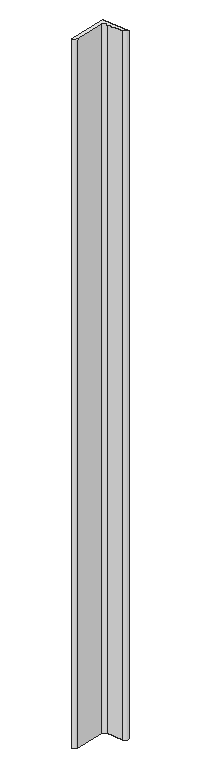
Revit family "M_L-Angular-Coluna", category Pilares estruturais, Revit 2019
Family settings
  Forma do corte = Não definido
  Material para o comportamento do modelo = Aço
  Exportar sempre como geometria = Não
  Redução da viga na planta = Da caixa de vinculação
  Corte com vazios quando carregada = Não
  Representação simbólica = Das configurações de projeto
  Compartilhado = Não
  Exibir o pré-corte da família na vista da planta = Sim
Parameters (values of type "L152x102x12.7")
  y = 50.2 mm
  x = 24.9 mm
  k = 25 mm
  d = 152 mm
  b = 102 mm
  W = 0.236
  Structural Material [instance] = Aço, 45-345
  Código de montagem = "B10"
  t = 12.7 mm
  A = 3060.00 mm²
Reference planes
  plane 1: y = 0
  plane 2: z = 0
  plane 3: x = 0
  plane 4: x = -24.9
  plane 5: y = 50.2
  plane 6: y = -101.8
  plane 7: x = 77.1
  plane 8: y = 37.5
  plane 9: x = -12.2
  plane 10: y = 37.5
  plane 11: x = -12.2
Forms (mm)
  Extrusion 1, solid, material "Aço, 45-345" <- "Structural Material", detail levels medium
    sketch origin (0, 0, 0) x (1, 0, 0) y (0, 1, 0)
      loop
        line (-24.9, 50.2) -> (-24.9, -101.8) -> (-12.2, -101.8) -> (-12.2, 37.5) -> (77.1, 37.5) -> (77.1, 50.2) -> (-24.9, 50.2)
    from 0 to 2500
  Extrusion 2, solid, material "Aço, 45-345" <- "Structural Material", detail levels fine
    sketch origin (0, 0, 0) x (1, 0, 0) y (0, 1, 0)
      loop
        line (-24.9, 50.2) -> (-24.9, -101.8)
        arc (-24.9, -101.8) -> (-15.92, -98.08) -> (-12.2, -89.1) r 12.7
        line (-12.2, -89.1) -> (-12.2, 24.8)
        arc (-12.2, 24.8) -> (-8.48, 33.78) -> (0.5, 37.5) r 12.7
        line (0.5, 37.5) -> (64.4, 37.5)
        arc (64.4, 37.5) -> (73.38, 41.22) -> (77.1, 50.2) r 12.7
        line (77.1, 50.2) -> (-24.9, 50.2)
    from 0 to 2500
Lines and regions (mm)
  symbolic lines, style "Faces ocultas", detail levels medium+fine
    curve 1: line (-12.2, 0, 2500) -> (-12.2, 0, 0)
    curve 2: line (-4.1, 37.5, 2500) -> (-4.1, 37.5, 0)
  symbolic lines, style "StructuralColumnStickSymbols", detail levels coarse
    curve 3: line (77.1, 50.2, 0) -> (-24.9, 50.2, 0)
    curve 4: line (-24.9, 50.2, 0) -> (-24.9, -101.8, 0)
Dimensions and locks
  "y": plane 5 to plane 1
  "d": plane 5 to plane 6
  "x": plane 4 to plane 3
  "b": plane 4 to plane 7
  "t": plane 5 to plane 8
  "t": plane 4 to plane 9
  "t": plane 4 to plane 11
  "t": plane 5 to plane 10
  "t": radius of Extrusion 2 sketch curve  (x3)
  aligned and locked: level to plane 2
  aligned and locked: level to curve 1  (x2)
  aligned and locked: Extrusion 1 sketch curve to plane 5
  aligned and locked: plane 4 to Extrusion 1 sketch curve
  aligned and locked: plane 6 to Extrusion 1 sketch curve
  aligned and locked: Extrusion 1 sketch curve to plane 9
  aligned and locked: plane 8 to Extrusion 1 sketch curve
  aligned and locked: Extrusion 1 sketch curve to plane 7
  aligned and locked: Extrusion 1 to plane 2
  aligned and locked: level to Extrusion 1
  aligned and locked: curve 1 to Extrusion 1
  aligned and locked: curve 2 to Extrusion 1
  aligned and locked: plane 2 to curve 2
  aligned and locked: level to curve 2
  aligned and locked: Extrusion 2 sketch curve to plane 5
  aligned and locked: plane 4 to Extrusion 2 sketch curve
  aligned and locked: Extrusion 2 sketch curve to plane 11
  aligned and locked: plane 10 to Extrusion 2 sketch curve
  aligned and locked: Extrusion 2 to plane 2
  aligned and locked: level to Extrusion 2
  aligned and locked: plane 5 to curve 3
  aligned and locked: curve 4 to plane 4
  aligned and locked: plane 7 to curve 3
  aligned and locked: plane 6 to curve 4
Automatic sketch dimensions
  Extrusion 2 sketch curve to plane 7 = 0 mm
  Extrusion 2 sketch curve to plane 6 = 0 mm
Types in the file's own list only (124): name | y | x | k | d | b | W | t | A
  L203X203X28.6 | 61 mm | 61 mm | 45 mm | 203 mm | 203 mm | 0.835 | 29 mm | 10900.00 mm²
  L203X203X25.4 | 60 mm | 60 mm | 41 mm | 203 mm | 203 mm | 0.749 | 25 mm | 9730.00 mm²
  L203X203X22.2 | 59 mm | 59 mm | 38 mm | 203 mm | 203 mm | 0.661 | 22 mm | 8590.00 mm²
  L203X203X19 | 58 mm | 58 mm | 35 mm | 203 mm | 203 mm | 0.572 | 19 mm | 7430.00 mm²
  L203X203X15.9 | 56 mm | 56 mm | 32 mm | 203 mm | 203 mm | 0.481 | 16 mm | 6250.00 mm²
  L203X203X14.3 | 56 mm | 56 mm | 30 mm | 203 mm | 203 mm | 0.435 | 14 mm | 5660.00 mm²
  L203X203X12.7 | 55 mm | 55 mm | 29 mm | 203 mm | 203 mm | 0.389 | 13 mm | 5050.00 mm²
  L203X152X25.4 | 67 mm | 42 mm | 38 mm | 203 mm | 152 mm | 0.648 | 25 mm | 8420.00 mm²
  L203X152X22.2 | 66 mm | 41 mm | 35 mm | 203 mm | 152 mm | 0.573 | 22 mm | 7440.00 mm²
  L203X152X19 | 65 mm | 40 mm | 32 mm | 203 mm | 152 mm | 0.496 | 19 mm | 6450.00 mm²
  L203X152X15.9 | 64 mm | 38 mm | 29 mm | 203 mm | 152 mm | 0.418 | 16 mm | 5430.00 mm²
  L203X152X14.3 | 63 mm | 38 mm | 27 mm | 203 mm | 152 mm | 0.378 | 14 mm | 4910.00 mm²
  L203X152X12.7 | 62 mm | 37 mm | 25 mm | 203 mm | 152 mm | 0.338 | 13 mm | 4390.00 mm²
  L203X152X11.1 | 62 mm | 37 mm | 24 mm | 203 mm | 152 mm | 0.297 | 11 mm | 3860.00 mm²
  L203X102X25.4 | 77 mm | 27 mm | 38 mm | 203 mm | 102 mm | 0.549 | 25 mm | 7130.00 mm²
  L203X102X22.2 | 76 mm | 25 mm | 35 mm | 203 mm | 102 mm | 0.486 | 22 mm | 6310.00 mm²
  L203X102X19 | 75 mm | 24 mm | 32 mm | 203 mm | 102 mm | 0.422 | 19 mm | 5480.00 mm²
  L203X102X15.9 | 73 mm | 23 mm | 29 mm | 203 mm | 102 mm | 0.356 | 16 mm | 4620.00 mm²
  L203X102X14.3 | 73 mm | 22 mm | 27 mm | 203 mm | 102 mm | 0.322 | 14 mm | 4190.00 mm²
  L203X102X12.7 | 72 mm | 22 mm | 25 mm | 203 mm | 102 mm | 0.288 | 13 mm | 3740.00 mm²
  L203X102X11.1 | 71 mm | 21 mm | 24 mm | 203 mm | 102 mm | 0.254 | 11 mm | 3300.00 mm²
  L178X102X19 | 64 mm | 26 mm | 32 mm | 178 mm | 102 mm | 0.382 | 19 mm | 4970.00 mm²
  L178X102X15.9 | 62 mm | 24 mm | 29 mm | 178 mm | 102 mm | 0.323 | 16 mm | 4190.00 mm²
  L178X102X12.7 | 61 mm | 23 mm | 25 mm | 178 mm | 102 mm | 0.261 | 13 mm | 3400.00 mm²
  L178X102X11.1 | 60 mm | 23 mm | 24 mm | 178 mm | 102 mm | 0.23 | 11 mm | 2990.00 mm²
  L178X102X9.5 | 60 mm | 22 mm | 22 mm | 178 mm | 102 mm | 0.199 | 10 mm | 2580.00 mm²
  L152X152X25.4 | 47 mm | 47 mm | 38 mm | 152 mm | 152 mm | 0.547 | 25 mm | 7110.00 mm²
  L152X152X22.2 | 46 mm | 46 mm | 35 mm | 152 mm | 152 mm | 0.484 | 22 mm | 6290.00 mm²
  L152X152X19 | 45 mm | 45 mm | 32 mm | 152 mm | 152 mm | 0.42 | 19 mm | 5460.00 mm²
  L152X152X15.9 | 44 mm | 44 mm | 29 mm | 152 mm | 152 mm | 0.354 | 16 mm | 4600.00 mm²
  L152X152X14.3 | 43 mm | 43 mm | 27 mm | 152 mm | 152 mm | 0.32 | 14 mm | 4160.00 mm²
  L152X152X12.7 | 43 mm | 43 mm | 25 mm | 152 mm | 152 mm | 0.287 | 13 mm | 3720.00 mm²
  L152X152X11.1 | 42 mm | 42 mm | 24 mm | 152 mm | 152 mm | 0.252 | 11 mm | 3280.00 mm²
  L152X152X9.5 | 41 mm | 41 mm | 22 mm | 152 mm | 152 mm | 0.217 | 10 mm | 2830.00 mm²
  L152X152X7.9 | 41 mm | 41 mm | 21 mm | 152 mm | 152 mm | 0.182 | 8 mm | 2370.00 mm²
  L152X102X22.2 | 54 mm | 28 mm | 35 mm | 152 mm | 102 mm | 0.396 | 22 mm | 5150.00 mm²
  L152X102X19 | 53 mm | 27 mm | 32 mm | 152 mm | 102 mm | 0.344 | 19 mm | 4480.00 mm²
  L152X102X15.9 | 51 mm | 26 mm | 29 mm | 152 mm | 102 mm | 0.291 | 16 mm | 3780.00 mm²
  L152X102X14.3 | 51 mm | 26 mm | 27 mm | 152 mm | 102 mm | 0.264 | 14 mm | 3420.00 mm²
  L152X102X11.1 | 50 mm | 24 mm | 24 mm | 152 mm | 102 mm | 0.208 | 11 mm | 2700.00 mm²
  L152X102X9.5 | 49 mm | 24 mm | 22 mm | 152 mm | 102 mm | 0.179 | 10 mm | 2330.00 mm²
  L152X102X7.9 | 48 mm | 23 mm | 21 mm | 152 mm | 102 mm | 0.15 | 8 mm | 1950.00 mm²
  L152X89X12.7 | 53 mm | 21 mm | 25 mm | 152 mm | 89 mm | 0.224 | 13 mm | 2910.00 mm²
  L152X89X9.5 | 51 mm | 20 mm | 22 mm | 152 mm | 89 mm | 0.171 | 10 mm | 2220.00 mm²
  L152X89X7.9 | 51 mm | 19 mm | 21 mm | 152 mm | 89 mm | 0.143 | 8 mm | 1860.00 mm²
  L127X127X22.2 | 40 mm | 40 mm | 35 mm | 127 mm | 127 mm | 0.398 | 22 mm | 5180.00 mm²
  L127X127X19 | 39 mm | 39 mm | 32 mm | 127 mm | 127 mm | 0.346 | 19 mm | 4500.00 mm²
  L127X127X15.9 | 37 mm | 37 mm | 29 mm | 127 mm | 127 mm | 0.293 | 16 mm | 3810.00 mm²
  L127X127X12.7 | 36 mm | 36 mm | 25 mm | 127 mm | 127 mm | 0.238 | 13 mm | 3090.00 mm²
  L127X127X11.1 | 36 mm | 36 mm | 24 mm | 127 mm | 127 mm | 0.21 | 11 mm | 2720.00 mm²
  L127X127X9.5 | 35 mm | 35 mm | 22 mm | 127 mm | 127 mm | 0.181 | 10 mm | 2350.00 mm²
  L127X127X7.9 | 34 mm | 34 mm | 21 mm | 127 mm | 127 mm | 0.152 | 8 mm | 1980.00 mm²
  L127X89X19 | 44 mm | 25 mm | 30 mm | 127 mm | 89 mm | 0.289 | 19 mm | 3750.00 mm²
  L127X89X15.9 | 43 mm | 24 mm | 27 mm | 127 mm | 89 mm | 0.245 | 16 mm | 3180.00 mm²
  L127X89X12.7 | 42 mm | 23 mm | 24 mm | 127 mm | 89 mm | 0.199 | 13 mm | 2580.00 mm²
  L127X89X9.5 | 41 mm | 22 mm | 21 mm | 127 mm | 89 mm | 0.151 | 10 mm | 1970.00 mm²
  L127X89X7.9 | 40 mm | 21 mm | 19 mm | 127 mm | 89 mm | 0.127 | 8 mm | 1650.00 mm²
  L127X89X6.4 | 39 mm | 20 mm | 17 mm | 127 mm | 89 mm | 0.103 | 6 mm | 1330.00 mm²
  L127X76X12.7 | 44 mm | 19 mm | 24 mm | 127 mm | 76 mm | 0.186 | 13 mm | 2420.00 mm²
  L127X76X11.1 | 44 mm | 18 mm | 22 mm | 127 mm | 76 mm | 0.164 | 11 mm | 2140.00 mm²
  L127X76X9.5 | 43 mm | 18 mm | 21 mm | 127 mm | 76 mm | 0.142 | 10 mm | 1850.00 mm²
  L127X76X7.9 | 42 mm | 17 mm | 19 mm | 127 mm | 76 mm | 0.119 | 8 mm | 1550.00 mm²
  L127X76X6.4 | 42 mm | 17 mm | 17 mm | 127 mm | 76 mm | 0.096 | 6 mm | 1250.00 mm²
  L102X102X19 | 32 mm | 32 mm | 29 mm | 102 mm | 102 mm | 0.27 | 19 mm | 3510.00 mm²
  L102X102X15.9 | 31 mm | 31 mm | 25 mm | 102 mm | 102 mm | 0.229 | 16 mm | 2970.00 mm²
  L102X102X12.7 | 30 mm | 30 mm | 22 mm | 102 mm | 102 mm | 0.186 | 13 mm | 2420.00 mm²
  L102X102X11.1 | 29 mm | 29 mm | 21 mm | 102 mm | 102 mm | 0.164 | 11 mm | 2130.00 mm²
  L102X102X9.5 | 29 mm | 29 mm | 19 mm | 102 mm | 102 mm | 0.142 | 10 mm | 1840.00 mm²
  L102X102X7.9 | 28 mm | 28 mm | 17 mm | 102 mm | 102 mm | 0.119 | 8 mm | 1550.00 mm²
  L102X102X6.4 | 27 mm | 27 mm | 16 mm | 102 mm | 102 mm | 0.096 | 6 mm | 1250.00 mm²
  L102X89X12.7 | 32 mm | 25 mm | 23 mm | 102 mm | 89 mm | 0.174 | 13 mm | 2260.00 mm²
  L102X89X9.5 | 30 mm | 24 mm | 19 mm | 102 mm | 89 mm | 0.133 | 10 mm | 1730.00 mm²
  L102X89X7.9 | 30 mm | 23 mm | 18 mm | 102 mm | 89 mm | 0.112 | 8 mm | 1450.00 mm²
  L102X89X6.4 | 29 mm | 23 mm | 16 mm | 102 mm | 89 mm | 0.09 | 6 mm | 1170.00 mm²
  L102X76X15.9 | 35 mm | 22 mm | 26 mm | 102 mm | 76 mm | 0.198 | 16 mm | 2570.00 mm²
  L102X76X12.7 | 34 mm | 21 mm | 23 mm | 102 mm | 76 mm | 0.162 | 13 mm | 2100.00 mm²
  L102X76X9.5 | 32 mm | 20 mm | 19 mm | 102 mm | 76 mm | 0.124 | 10 mm | 1600.00 mm²
  L102X76X7.9 | 32 mm | 19 mm | 18 mm | 102 mm | 76 mm | 0.104 | 8 mm | 1350.00 mm²
  L102X76X6.4 | 31 mm | 18 mm | 16 mm | 102 mm | 76 mm | 0.084 | 6 mm | 1090.00 mm²
  L89X89X12.7 | 27 mm | 27 mm | 22 mm | 89 mm | 89 mm | 0.162 | 13 mm | 2110.00 mm²
  L89X89X11.1 | 26 mm | 26 mm | 21 mm | 89 mm | 89 mm | 0.143 | 11 mm | 1860.00 mm²
  L89X89X9.5 | 26 mm | 26 mm | 19 mm | 89 mm | 89 mm | 0.124 | 10 mm | 1610.00 mm²
  L89X89X7.9 | 25 mm | 25 mm | 17 mm | 89 mm | 89 mm | 0.105 | 8 mm | 1360.00 mm²
  L89X89X6.4 | 24 mm | 24 mm | 16 mm | 89 mm | 89 mm | 0.085 | 6 mm | 1100.00 mm²
  L89X76X12.7 | 28 mm | 22 mm | 22 mm | 89 mm | 76 mm | 0.15 | 13 mm | 1950.00 mm²
  L89X76X11.1 | 28 mm | 22 mm | 21 mm | 89 mm | 76 mm | 0.133 | 11 mm | 1720.00 mm²
  L89X76X9.5 | 27 mm | 21 mm | 19 mm | 89 mm | 76 mm | 0.115 | 10 mm | 1490.00 mm²
  L89X76X7.9 | 27 mm | 20 mm | 17 mm | 89 mm | 76 mm | 0.097 | 8 mm | 1260.00 mm²
  L89X76X6.4 | 26 mm | 20 mm | 16 mm | 89 mm | 76 mm | 0.079 | 6 mm | 1020.00 mm²
  L89X64X12.7 | 30 mm | 18 mm | 22 mm | 89 mm | 64 mm | 0.137 | 13 mm | 1780.00 mm²
  L89X64X9.5 | 29 mm | 17 mm | 19 mm | 89 mm | 64 mm | 0.105 | 10 mm | 1370.00 mm²
  L89X64X7.9 | 29 mm | 16 mm | 17 mm | 89 mm | 64 mm | 0.089 | 8 mm | 1160.00 mm²
  L89X64X6.4 | 28 mm | 15 mm | 16 mm | 89 mm | 64 mm | 0.072 | 6 mm | 937.00 mm²
  L76X76X12.7 | 24 mm | 24 mm | 22 mm | 76 mm | 76 mm | 0.136 | 13 mm | 1770.00 mm²
  L76X76X11.1 | 23 mm | 23 mm | 21 mm | 76 mm | 76 mm | 0.121 | 11 mm | 1570.00 mm²
  L76X76X9.5 | 22 mm | 22 mm | 19 mm | 76 mm | 76 mm | 0.105 | 10 mm | 1360.00 mm²
  L76X76X7.9 | 22 mm | 22 mm | 17 mm | 76 mm | 76 mm | 0.088 | 8 mm | 1150.00 mm²
  L76X76X6.4 | 21 mm | 21 mm | 16 mm | 76 mm | 76 mm | 0.071 | 6 mm | 926.00 mm²
  L76X76X4.8 | 21 mm | 21 mm | 14 mm | 76 mm | 76 mm | 0.054 | 5 mm | 702.00 mm²
  L76X64X12.7 | 25 mm | 19 mm | 22 mm | 76 mm | 64 mm | 0.124 | 13 mm | 1620.00 mm²
  L76X64X11.1 | 25 mm | 18 mm | 21 mm | 76 mm | 64 mm | 0.11 | 11 mm | 1430.00 mm²
  L76X64X9.5 | 24 mm | 18 mm | 19 mm | 76 mm | 64 mm | 0.096 | 10 mm | 1240.00 mm²
  L76X64X7.9 | 24 mm | 17 mm | 17 mm | 76 mm | 64 mm | 0.081 | 8 mm | 1050.00 mm²
  L76X64X6.4 | 23 mm | 17 mm | 16 mm | 76 mm | 64 mm | 0.066 | 6 mm | 851.00 mm²
  L76X64X4.8 | 22 mm | 16 mm | 14 mm | 76 mm | 64 mm | 0.05 | 5 mm | 646.00 mm²
  L76X51X12.7 | 27 mm | 15 mm | 21 mm | 76 mm | 51 mm | 0.112 | 13 mm | 1460.00 mm²
  L76X51X9.5 | 26 mm | 14 mm | 17 mm | 76 mm | 51 mm | 0.087 | 10 mm | 1130.00 mm²
  L76X51X7.9 | 26 mm | 13 mm | 16 mm | 76 mm | 51 mm | 0.073 | 8 mm | 954.00 mm²
  L76X51X6.4 | 25 mm | 12 mm | 14 mm | 76 mm | 51 mm | 0.06 | 6 mm | 775.00 mm²
  L76X51X4.8 | 24 mm | 12 mm | 13 mm | 76 mm | 51 mm | 0.046 | 5 mm | 591.00 mm²
  L64X64X12.7 | 20 mm | 20 mm | 19 mm | 64 mm | 64 mm | 0.112 | 13 mm | 1450.00 mm²
  L64X64X9.5 | 19 mm | 19 mm | 16 mm | 64 mm | 64 mm | 0.086 | 10 mm | 1120.00 mm²
  L64X64X7.9 | 19 mm | 19 mm | 14 mm | 64 mm | 64 mm | 0.073 | 8 mm | 944.00 mm²
  L64X64X6.4 | 18 mm | 18 mm | 13 mm | 64 mm | 64 mm | 0.059 | 6 mm | 765.00 mm²
  L64X64X4.8 | 17 mm | 17 mm | 11 mm | 64 mm | 64 mm | 0.045 | 5 mm | 581.00 mm²
  L64X51X9.5 | 21 mm | 15 mm | 16 mm | 64 mm | 51 mm | 0.077 | 10 mm | 1000.00 mm²
  L64X51X7.9 | 20 mm | 14 mm | 14 mm | 64 mm | 51 mm | 0.066 | 8 mm | 850.00 mm²
  L64X51X6.4 | 20 mm | 14 mm | 13 mm | 64 mm | 51 mm | 0.053 | 6 mm | 692.00 mm²
  L64X51X4.8 | 19 mm | 13 mm | 11 mm | 64 mm | 51 mm | 0.041 | 5 mm | 528.00 mm²
  L51X51X9.5 | 16 mm | 16 mm | 16 mm | 51 mm | 51 mm | 0.068 | 10 mm | 881.00 mm²
  L51X51X7.9 | 16 mm | 16 mm | 14 mm | 51 mm | 51 mm | 0.058 | 8 mm | 748.00 mm²
  L51X51X6.4 | 15 mm | 15 mm | 13 mm | 51 mm | 51 mm | 0.047 | 6 mm | 609.00 mm²
  L51X51X4.8 | 14 mm | 14 mm | 11 mm | 51 mm | 51 mm | 0.036 | 5 mm | 466.00 mm²
  L51X51X3.2 | 14 mm | 14 mm | 10 mm | 51 mm | 51 mm | 0.024 | 3 mm | 317.00 mm²
